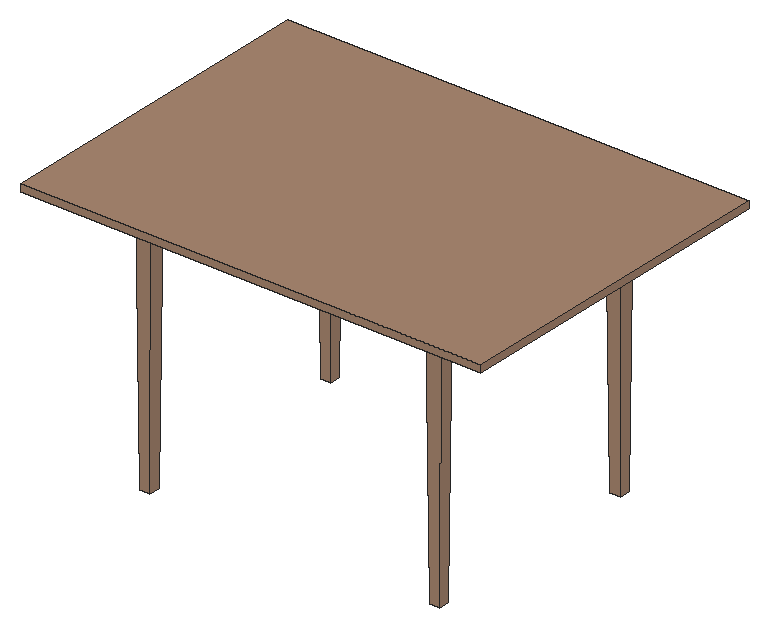
Revit family
Parameters (values of type "Open - 1240 x 900mm")
  Width = 1240 mm
  Material = Wood - Mahogany
  Manufacturer = "Revit"
  Keynote = "N"
  Depth = 900 mm
  Assembly Code = ""
Types (2, lengths in mm): name | Width | Depth
  Closed - 900 x 660mm | 900 | 660
  Open - 1240 x 900mm | 1240 | 900
Reference planes
  plane 1 "Centro A/I": y = 0
  plane 2: z = 0
  plane 3 "Centro S/D": x = 0
  plane 4: x = -620
  plane 5: x = 620
  plane 6: y = 450
  plane 7: y = -450
Forms (mm)
  Extrusion 1, solid, material "Wood - Mahogany" <- "Material"
    sketch origin (73.728, -257.654, 0) x (1, 0, 0) y (0, 1, 0)
      loop
        line (-693.728, 707.654) -> (-693.728, -192.346) -> (546.272, -192.346) -> (546.272, 707.654) -> (-693.728, 707.654)
    from 700 to 720
  Blend 2, solid, material "Wood - Mahogany" <- "Material"
    base sketch origin (80.353, -24.794, 0) x (1, 0, 0) y (0, 1, 0)
      loop
        line (-484.378, 342.794) -> (-484.378, 314.794) -> (-456.378, 314.794) -> (-456.378, 342.794) -> (-484.378, 342.794)
    top sketch origin (80.353, -24.794, 0) x (1, 0, 0) y (0, 1, 0)
      loop
        line (-490.353, 348.794) -> (-490.353, 308.794) -> (-450.353, 308.794) -> (-450.353, 348.794) -> (-490.353, 348.794)
    from 0 to 700
  Blend 3, solid, material "Wood - Mahogany" <- "Material"
    base sketch origin (-80.353, -24.794, 0) x (-1, 0, 0) y (0, -1, 0)
      loop
        line (-484.378, -342.794) -> (-456.378, -342.794) -> (-456.378, -314.794) -> (-484.378, -314.794) -> (-484.378, -342.794)
    top sketch origin (-80.353, -24.794, 0) x (-1, 0, 0) y (0, -1, 0)
      loop
        line (-490.353, -348.794) -> (-450.353, -348.794) -> (-450.353, -308.794) -> (-490.353, -308.794) -> (-490.353, -348.794)
    from 0 to 700
  Blend 4, solid, material "Wood - Mahogany" <- "Material"
    base sketch origin (80.353, 24.794, 0) x (1, 0, 0) y (0, 1, 0)
      loop
        line (-484.378, -342.794) -> (-456.378, -342.794) -> (-456.378, -314.794) -> (-484.378, -314.794) -> (-484.378, -342.794)
    top sketch origin (80.353, 24.794, 0) x (1, 0, 0) y (0, 1, 0)
      loop
        line (-490.353, -348.794) -> (-450.353, -348.794) -> (-450.353, -308.794) -> (-490.353, -308.794) -> (-490.353, -348.794)
    from 0 to 700
  Blend 5, solid, material "Wood - Mahogany" <- "Material"
    base sketch origin (-80.353, 24.794, 0) x (-1, 0, 0) y (0, -1, 0)
      loop
        line (-484.378, 342.794) -> (-484.378, 314.794) -> (-456.378, 314.794) -> (-456.378, 342.794) -> (-484.378, 342.794)
    top sketch origin (-80.353, 24.794, 0) x (-1, 0, 0) y (0, -1, 0)
      loop
        line (-490.353, 348.794) -> (-490.353, 308.794) -> (-450.353, 308.794) -> (-450.353, 348.794) -> (-490.353, 348.794)
    from 0 to 700
  Extrusion 6, solid, material "Wood - Mahogany" <- "Material"
    sketch origin (0, 0, 0) x (1, 0, 0) y (0, 1, 0)
      loop
        line (-370, 311.118) -> (-370, 296.118) -> (370, 296.118) -> (370, 311.118) -> (-370, 311.118)
    from 640 to 700
  Extrusion 7, solid, material "Wood - Mahogany" <- "Material"
    sketch origin (0, 0, 0) x (1, 0, 0) y (0, 1, 0)
      loop
        line (-370, -311.118) -> (370, -311.118) -> (370, -296.118) -> (-370, -296.118) -> (-370, -311.118)
    from 640 to 700
  Extrusion 8, solid, material "Wood - Mahogany" <- "Material"
    sketch origin (-698.618, -86, 0) x (0, 1, 0) y (-1, 0, 0)
      loop
        line (-197.021, -311.118) -> (370, -311.118) -> (370, -296.118) -> (-197.021, -296.118) -> (-197.021, -311.118)
    from 640 to 700
  Extrusion 9, solid, material "Wood - Mahogany" <- "Material"
    sketch origin (698.618, -86, 0) x (0, 1, 0) y (-1, 0, 0)
      loop
        line (-197.021, 311.118) -> (-197.021, 296.118) -> (370, 296.118) -> (370, 311.118) -> (-197.021, 311.118)
    from 640 to 700
Lines and regions (mm)
  Masking region 1
    outline origin (0, 0, 0) x (1, 0, 0) y (0, 1, 0)
      loop
        line (-620, 450) -> (-620, -450) -> (620, -450) -> (620, 450) -> (-620, 450)
Dimensions and locks
  "Width": plane 4 to plane 5
  equal spacing: plane 4, plane 3 "Centro S/D", plane 5
  equal spacing: plane 7, plane 1 "Centro A/I", plane 6
  "Depth": plane 7 to plane 6
  aligned and locked: plane 4 to Extrusion 1 sketch curve
  aligned and locked: plane 5 to Extrusion 1 sketch curve
  aligned and locked: plane 6 to Extrusion 1 sketch curve
  aligned and locked: plane 7 to Extrusion 1 sketch curve
Automatic sketch dimensions
  Blend 2 sketch curve to plane 3 "Centro S/D" = 404.025 mm
  Blend 2 sketch curve to Blend 2 sketch curve = 28 mm  (x2)
  Blend 2 sketch curve to plane 1 "Centro A/I" = 290 mm
  Blend 2 sketch curve to plane 3 "Centro S/D" = 410 mm
  Blend 2 sketch curve to Blend 2 sketch curve = 40 mm  (x2)
  Blend 2 sketch curve to plane 1 "Centro A/I" = 284 mm
  plane 3 "Centro S/D" to Blend 3 sketch curve = 404.025 mm
  Blend 3 sketch curve to Blend 3 sketch curve = 28 mm  (x2)
  Blend 3 sketch curve to plane 1 "Centro A/I" = 318 mm
  plane 3 "Centro S/D" to Blend 3 sketch curve = 410 mm
  Blend 3 sketch curve to Blend 3 sketch curve = 40 mm  (x2)
  Blend 3 sketch curve to plane 1 "Centro A/I" = 324 mm
  Blend 4 sketch curve to plane 3 "Centro S/D" = 404.025 mm
  Blend 4 sketch curve to Blend 4 sketch curve = 28 mm  (x2)
  plane 1 "Centro A/I" to Blend 4 sketch curve = 318 mm
  Blend 4 sketch curve to plane 3 "Centro S/D" = 410 mm
  Blend 4 sketch curve to Blend 4 sketch curve = 40 mm  (x2)
  plane 1 "Centro A/I" to Blend 4 sketch curve = 324 mm
  plane 3 "Centro S/D" to Blend 5 sketch curve = 404.025 mm
  Blend 5 sketch curve to Blend 5 sketch curve = 28 mm  (x2)
  plane 1 "Centro A/I" to Blend 5 sketch curve = 290 mm
  plane 3 "Centro S/D" to Blend 5 sketch curve = 410 mm
  Blend 5 sketch curve to Blend 5 sketch curve = 40 mm  (x2)
  plane 1 "Centro A/I" to Blend 5 sketch curve = 284 mm
  Extrusion 6 sketch curve to plane 3 "Centro S/D" = 370 mm
  plane 3 "Centro S/D" to Extrusion 6 sketch curve = 370 mm
  Extrusion 6 sketch curve to plane 1 "Centro A/I" = 296.118 mm
  Extrusion 6 sketch curve to Extrusion 6 sketch curve = 15 mm
  Extrusion 7 sketch curve to plane 3 "Centro S/D" = 370 mm
  plane 3 "Centro S/D" to Extrusion 7 sketch curve = 370 mm
  plane 1 "Centro A/I" to Extrusion 7 sketch curve = 311.118 mm
  Extrusion 7 sketch curve to Extrusion 7 sketch curve = 15 mm
  plane 1 "Centro A/I" to Extrusion 8 sketch curve = 283.021 mm
  Extrusion 8 sketch curve to plane 1 "Centro A/I" = 284 mm
  Extrusion 8 sketch curve to plane 3 "Centro S/D" = 387.5 mm
  Extrusion 8 sketch curve to Extrusion 8 sketch curve = 15 mm
  plane 1 "Centro A/I" to Extrusion 9 sketch curve = 283.021 mm
  Extrusion 9 sketch curve to plane 1 "Centro A/I" = 284 mm
  plane 3 "Centro S/D" to Extrusion 9 sketch curve = 402.5 mm
  Extrusion 9 sketch curve to Extrusion 9 sketch curve = 15 mm
  Masking region 1 sketch curve to plane 3 "Centro S/D" = 620 mm
  plane 3 "Centro S/D" to Masking region 1 sketch curve = 620 mm
  plane 1 "Centro A/I" to Masking region 1 sketch curve = 450 mm
  Masking region 1 sketch curve to plane 1 "Centro A/I" = 450 mm
